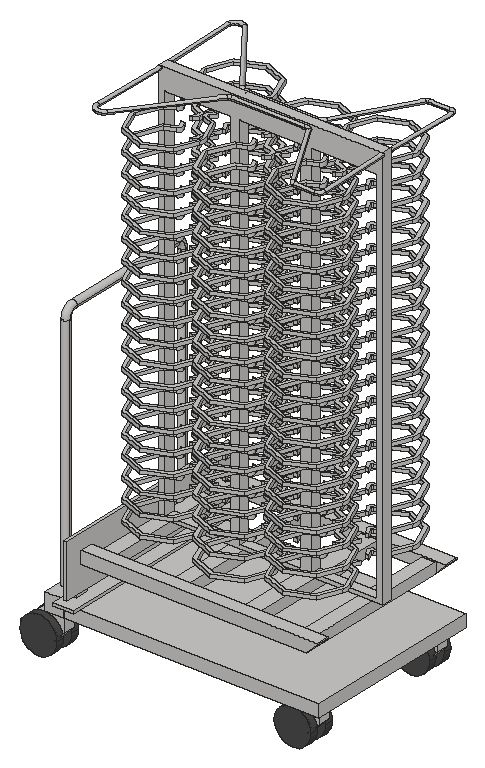
Revit family "QF_ELECTROLUXPROFESSIONAL_922764_TRBA116PL2021C", category Attrezzature speciali, Revit 2020 (continued)
Automatic sketch dimensions
  plane 23 to Extrusion 46 sketch curve = 16.976 mm
  Extrusion 46 sketch curve to plane 94 = 40.033 mm
  Extrusion 46 sketch curve to Extrusion 46 sketch curve = 7.129 mm
  Extrusion 46 sketch curve to Extrusion 46 sketch curve = 9.801 mm
  plane 23 to Extrusion 46 sketch curve = 21.716 mm
  Extrusion 46 sketch curve to Extrusion 46 sketch curve = 10.269 mm
  plane 23 to Extrusion 46 sketch curve = 28.819 mm
  Extrusion 46 sketch curve to Extrusion 46 sketch curve = 2.378 mm
  Extrusion 46 sketch curve to Extrusion 46 sketch curve = 2.721 mm
  Extrusion 46 sketch curve to Extrusion 46 sketch curve = 1.609 mm
  Extrusion 46 sketch curve to plane 93 = 0.677 mm
  Extrusion 46 sketch curve to plane 94 = 81.177 mm
  Extrusion 46 sketch curve to Extrusion 46 sketch curve = 34.52 mm
  Extrusion 46 sketch curve to plane 14 = 23.461 mm
  Extrusion 46 sketch curve to Extrusion 46 sketch curve = 0.634 mm
  Extrusion 46 sketch curve to plane 14 = 12.859 mm
  Extrusion 46 sketch curve to Extrusion 46 sketch curve = 5.47 mm  (x2)
  plane 23 to Extrusion 46 sketch curve = 44.113 mm
  Extrusion 46 sketch curve to Extrusion 46 sketch curve = 7.067 mm
  Extrusion 46 sketch curve to plane 93 = 1.889 mm
  Extrusion 46 sketch curve to Extrusion 46 sketch curve = 33.003 mm
  Extrusion 46 sketch curve to plane 93 = 16.292 mm
  Extrusion 46 sketch curve to Extrusion 46 sketch curve = 3.823 mm
  plane 93 to Extrusion 46 sketch curve = 14.321 mm
  Extrusion 46 sketch curve to Extrusion 46 sketch curve = 0.26 mm
  Extrusion 46 sketch curve to Extrusion 46 sketch curve = 0.931 mm
  Extrusion 46 sketch curve to Extrusion 46 sketch curve = 14.355 mm
  Extrusion 46 sketch curve to Extrusion 46 sketch curve = 8.956 mm
  Extrusion 46 sketch curve to Extrusion 46 sketch curve = 8.823 mm
  Extrusion 46 sketch curve to plane 14 = 19.797 mm
  plane 14 to Extrusion 46 sketch curve = 12.573 mm
  Extrusion 46 sketch curve to Extrusion 46 sketch curve = 10.291 mm
  Extrusion 47 sketch curve to plane 95 = 0 mm
  plane 23 to Extrusion 47 sketch curve = 0 mm  (x2)
  Extrusion 47 sketch curve to plane 96 = 0 mm
  plane 96 to Extrusion 47 sketch curve = 1.038 mm
  plane 23 to Extrusion 47 sketch curve = 17.086 mm
  plane 96 to Extrusion 47 sketch curve = 38.719 mm
  Extrusion 47 sketch curve to Extrusion 47 sketch curve = 7.361 mm
  Extrusion 47 sketch curve to Extrusion 47 sketch curve = 9.865 mm
  plane 23 to Extrusion 47 sketch curve = 21.155 mm
  Extrusion 47 sketch curve to Extrusion 47 sketch curve = 10.657 mm
  Extrusion 47 sketch curve to Extrusion 47 sketch curve = 2.333 mm
  plane 23 to Extrusion 47 sketch curve = 28.29 mm
  Extrusion 47 sketch curve to Extrusion 47 sketch curve = 0.12 mm
  Extrusion 47 sketch curve to Extrusion 47 sketch curve = 1.997 mm
  Extrusion 47 sketch curve to Extrusion 47 sketch curve = 13.006 mm  (x2)
  Extrusion 47 sketch curve to plane 14 = 19.797 mm
  plane 6 to Extrusion 47 sketch curve = 48.776 mm
  Extrusion 47 sketch curve to Extrusion 47 sketch curve = 32.378 mm
  plane 95 to Extrusion 47 sketch curve = 0.677 mm
  plane 6 to Extrusion 47 sketch curve = 43.856 mm
  Extrusion 47 sketch curve to Extrusion 47 sketch curve = 8.823 mm  (x2)
  Extrusion 47 sketch curve to plane 14 = 14.327 mm
  Extrusion 47 sketch curve to Extrusion 47 sketch curve = 12.491 mm
  plane 6 to Extrusion 47 sketch curve = 12.706 mm
  plane 6 to Extrusion 47 sketch curve = 7.03 mm
  plane 6 to Extrusion 47 sketch curve = 6.775 mm
  plane 23 to Extrusion 47 sketch curve = 16.976 mm
  Extrusion 47 sketch curve to plane 96 = 40.033 mm
  Extrusion 47 sketch curve to Extrusion 47 sketch curve = 7.129 mm
  Extrusion 47 sketch curve to Extrusion 47 sketch curve = 9.801 mm
  plane 23 to Extrusion 47 sketch curve = 21.716 mm
  Extrusion 47 sketch curve to Extrusion 47 sketch curve = 10.269 mm
  plane 23 to Extrusion 47 sketch curve = 28.819 mm
  Extrusion 47 sketch curve to Extrusion 47 sketch curve = 2.378 mm
  Extrusion 47 sketch curve to Extrusion 47 sketch curve = 2.721 mm
  Extrusion 47 sketch curve to Extrusion 47 sketch curve = 1.609 mm
  Extrusion 47 sketch curve to plane 95 = 0.677 mm
  Extrusion 47 sketch curve to plane 96 = 81.177 mm
  Extrusion 47 sketch curve to Extrusion 47 sketch curve = 34.52 mm
  Extrusion 47 sketch curve to plane 14 = 23.461 mm
  Extrusion 47 sketch curve to Extrusion 47 sketch curve = 0.634 mm
  Extrusion 47 sketch curve to plane 14 = 12.859 mm
  Extrusion 47 sketch curve to Extrusion 47 sketch curve = 5.47 mm
  plane 23 to Extrusion 47 sketch curve = 44.113 mm
  Extrusion 47 sketch curve to Extrusion 47 sketch curve = 7.067 mm
  Extrusion 47 sketch curve to plane 95 = 1.889 mm
  Extrusion 47 sketch curve to Extrusion 47 sketch curve = 33.003 mm
  Extrusion 47 sketch curve to plane 95 = 16.292 mm
  Extrusion 47 sketch curve to Extrusion 47 sketch curve = 3.823 mm
  plane 95 to Extrusion 47 sketch curve = 14.321 mm
  Extrusion 47 sketch curve to Extrusion 47 sketch curve = 0.26 mm
  Extrusion 47 sketch curve to Extrusion 47 sketch curve = 0.931 mm
  Extrusion 47 sketch curve to Extrusion 47 sketch curve = 14.355 mm
  Extrusion 47 sketch curve to Extrusion 47 sketch curve = 8.956 mm
  plane 95 to Extrusion 47 sketch curve = 16.292 mm
  plane 14 to Extrusion 47 sketch curve = 12.573 mm
  Extrusion 47 sketch curve to Extrusion 47 sketch curve = 10.291 mm
  plane 97 to Extrusion 48 sketch curve = 0 mm
  plane 24 to Extrusion 48 sketch curve = 0 mm  (x2)
  Extrusion 48 sketch curve to plane 98 = 0 mm
  Extrusion 48 sketch curve to plane 98 = 1.038 mm
  plane 24 to Extrusion 48 sketch curve = 17.086 mm
  Extrusion 48 sketch curve to plane 98 = 38.719 mm
  Extrusion 48 sketch curve to Extrusion 48 sketch curve = 7.361 mm
  Extrusion 48 sketch curve to Extrusion 48 sketch curve = 9.865 mm
  plane 24 to Extrusion 48 sketch curve = 21.155 mm
  Extrusion 48 sketch curve to Extrusion 48 sketch curve = 10.657 mm
  Extrusion 48 sketch curve to Extrusion 48 sketch curve = 2.333 mm
  plane 24 to Extrusion 48 sketch curve = 28.29 mm
  Extrusion 48 sketch curve to Extrusion 48 sketch curve = 0.12 mm
  Extrusion 48 sketch curve to Extrusion 48 sketch curve = 1.997 mm
  Extrusion 48 sketch curve to Extrusion 48 sketch curve = 13.006 mm  (x2)
  Extrusion 48 sketch curve to plane 21 = 19.305 mm
  Extrusion 48 sketch curve to plane 21 = 17.105 mm
  Extrusion 48 sketch curve to plane 97 = 0.677 mm
  Extrusion 48 sketch curve to plane 21 = 14.385 mm
  Extrusion 48 sketch curve to plane 21 = 8.282 mm
  Extrusion 48 sketch curve to plane 21 = 6.814 mm
  plane 21 to Extrusion 48 sketch curve = 16.765 mm
  Extrusion 48 sketch curve to Extrusion 48 sketch curve = 5.676 mm
  plane 97 to Extrusion 48 sketch curve = 14.321 mm
  Extrusion 48 sketch curve to Extrusion 48 sketch curve = 5.931 mm
  plane 24 to Extrusion 48 sketch curve = 16.976 mm
  plane 98 to Extrusion 48 sketch curve = 40.033 mm
  Extrusion 48 sketch curve to Extrusion 48 sketch curve = 7.129 mm
  Extrusion 48 sketch curve to Extrusion 48 sketch curve = 9.801 mm
  plane 24 to Extrusion 48 sketch curve = 21.716 mm
  Extrusion 48 sketch curve to Extrusion 48 sketch curve = 10.269 mm
  plane 24 to Extrusion 48 sketch curve = 28.819 mm
  Extrusion 48 sketch curve to Extrusion 48 sketch curve = 2.378 mm
  Extrusion 48 sketch curve to Extrusion 48 sketch curve = 2.721 mm
  Extrusion 48 sketch curve to Extrusion 48 sketch curve = 1.609 mm
  plane 97 to Extrusion 48 sketch curve = 0.677 mm
  plane 98 to Extrusion 48 sketch curve = 81.177 mm
  Extrusion 48 sketch curve to Extrusion 48 sketch curve = 34.52 mm
  Extrusion 48 sketch curve to plane 15 = 23.461 mm
  Extrusion 48 sketch curve to Extrusion 48 sketch curve = 0.634 mm
  Extrusion 48 sketch curve to plane 15 = 12.859 mm
  Extrusion 48 sketch curve to Extrusion 48 sketch curve = 5.47 mm  (x2)
  plane 24 to Extrusion 48 sketch curve = 44.113 mm
  Extrusion 48 sketch curve to Extrusion 48 sketch curve = 7.067 mm
  plane 97 to Extrusion 48 sketch curve = 1.889 mm
  Extrusion 48 sketch curve to Extrusion 48 sketch curve = 33.003 mm
  plane 97 to Extrusion 48 sketch curve = 16.292 mm
  Extrusion 48 sketch curve to Extrusion 48 sketch curve = 3.823 mm
  Extrusion 48 sketch curve to plane 97 = 14.321 mm
  Extrusion 48 sketch curve to Extrusion 48 sketch curve = 0.26 mm
  Extrusion 48 sketch curve to Extrusion 48 sketch curve = 0.931 mm
  Extrusion 48 sketch curve to Extrusion 48 sketch curve = 14.355 mm
  Extrusion 48 sketch curve to Extrusion 48 sketch curve = 8.956 mm
  Extrusion 48 sketch curve to Extrusion 48 sketch curve = 8.823 mm
  Extrusion 48 sketch curve to plane 15 = 19.797 mm
  plane 15 to Extrusion 48 sketch curve = 12.573 mm
  Extrusion 48 sketch curve to Extrusion 48 sketch curve = 10.291 mm
  plane 99 to Extrusion 49 sketch curve = 0 mm
  plane 24 to Extrusion 49 sketch curve = 0 mm  (x2)
  Extrusion 49 sketch curve to plane 100 = 0 mm
  Extrusion 49 sketch curve to plane 100 = 1.038 mm
  plane 24 to Extrusion 49 sketch curve = 17.086 mm
  Extrusion 49 sketch curve to plane 100 = 38.719 mm
  Extrusion 49 sketch curve to Extrusion 49 sketch curve = 7.361 mm
  Extrusion 49 sketch curve to Extrusion 49 sketch curve = 9.865 mm
  plane 24 to Extrusion 49 sketch curve = 21.155 mm
  Extrusion 49 sketch curve to Extrusion 49 sketch curve = 10.657 mm
  Extrusion 49 sketch curve to Extrusion 49 sketch curve = 2.333 mm
  plane 24 to Extrusion 49 sketch curve = 28.29 mm
  Extrusion 49 sketch curve to Extrusion 49 sketch curve = 0.12 mm
  Extrusion 49 sketch curve to Extrusion 49 sketch curve = 1.997 mm
  Extrusion 49 sketch curve to Extrusion 49 sketch curve = 13.006 mm  (x2)
  Extrusion 49 sketch curve to plane 15 = 19.797 mm
  Extrusion 49 sketch curve to plane 6 = 48.776 mm
  Extrusion 49 sketch curve to Extrusion 49 sketch curve = 32.378 mm
  Extrusion 49 sketch curve to plane 99 = 0.677 mm
  Extrusion 49 sketch curve to plane 6 = 43.856 mm
  Extrusion 49 sketch curve to Extrusion 49 sketch curve = 8.823 mm  (x2)
  Extrusion 49 sketch curve to plane 15 = 14.327 mm
  Extrusion 49 sketch curve to Extrusion 49 sketch curve = 12.491 mm
  Extrusion 49 sketch curve to plane 6 = 12.706 mm
  Extrusion 49 sketch curve to plane 6 = 7.03 mm
  Extrusion 49 sketch curve to plane 6 = 6.775 mm
  plane 24 to Extrusion 49 sketch curve = 16.976 mm
  plane 100 to Extrusion 49 sketch curve = 40.033 mm
  Extrusion 49 sketch curve to Extrusion 49 sketch curve = 7.129 mm
  Extrusion 49 sketch curve to Extrusion 49 sketch curve = 9.801 mm
  plane 24 to Extrusion 49 sketch curve = 21.716 mm
  Extrusion 49 sketch curve to Extrusion 49 sketch curve = 10.269 mm
  plane 24 to Extrusion 49 sketch curve = 28.819 mm
  Extrusion 49 sketch curve to Extrusion 49 sketch curve = 2.378 mm
  Extrusion 49 sketch curve to Extrusion 49 sketch curve = 2.721 mm
  Extrusion 49 sketch curve to Extrusion 49 sketch curve = 1.609 mm
  plane 99 to Extrusion 49 sketch curve = 0.677 mm
  plane 100 to Extrusion 49 sketch curve = 81.177 mm
  Extrusion 49 sketch curve to Extrusion 49 sketch curve = 34.52 mm
  Extrusion 49 sketch curve to plane 15 = 23.461 mm
  Extrusion 49 sketch curve to Extrusion 49 sketch curve = 0.634 mm
  Extrusion 49 sketch curve to plane 15 = 12.859 mm
  Extrusion 49 sketch curve to Extrusion 49 sketch curve = 5.47 mm
  plane 24 to Extrusion 49 sketch curve = 44.113 mm
  Extrusion 49 sketch curve to Extrusion 49 sketch curve = 7.067 mm
  plane 99 to Extrusion 49 sketch curve = 1.889 mm
  Extrusion 49 sketch curve to Extrusion 49 sketch curve = 33.003 mm
  plane 99 to Extrusion 49 sketch curve = 16.292 mm
  Extrusion 49 sketch curve to Extrusion 49 sketch curve = 3.823 mm
  Extrusion 49 sketch curve to plane 99 = 14.321 mm
  Extrusion 49 sketch curve to Extrusion 49 sketch curve = 0.26 mm
  Extrusion 49 sketch curve to Extrusion 49 sketch curve = 0.931 mm
  Extrusion 49 sketch curve to Extrusion 49 sketch curve = 14.355 mm
  Extrusion 49 sketch curve to Extrusion 49 sketch curve = 8.956 mm
  Extrusion 49 sketch curve to plane 99 = 16.292 mm
  plane 15 to Extrusion 49 sketch curve = 12.573 mm
  Extrusion 49 sketch curve to Extrusion 49 sketch curve = 10.291 mm
  Extrusion 50 sketch curve to plane 101 = 0 mm
  plane 23 to Extrusion 50 sketch curve = 0 mm  (x2)
  Extrusion 50 sketch curve to plane 102 = 0 mm
  plane 102 to Extrusion 50 sketch curve = 1.038 mm
  plane 23 to Extrusion 50 sketch curve = 17.086 mm
  plane 102 to Extrusion 50 sketch curve = 38.719 mm
  Extrusion 50 sketch curve to Extrusion 50 sketch curve = 7.361 mm
  Extrusion 50 sketch curve to Extrusion 50 sketch curve = 9.865 mm
  plane 23 to Extrusion 50 sketch curve = 21.155 mm
  Extrusion 50 sketch curve to Extrusion 50 sketch curve = 10.657 mm
  Extrusion 50 sketch curve to Extrusion 50 sketch curve = 2.333 mm
  plane 23 to Extrusion 50 sketch curve = 28.29 mm
  Extrusion 50 sketch curve to Extrusion 50 sketch curve = 0.12 mm
  Extrusion 50 sketch curve to Extrusion 50 sketch curve = 1.997 mm
  Extrusion 50 sketch curve to Extrusion 50 sketch curve = 13.006 mm  (x2)
  plane 21 to Extrusion 50 sketch curve = 19.305 mm
  plane 21 to Extrusion 50 sketch curve = 17.105 mm
  plane 101 to Extrusion 50 sketch curve = 0.677 mm
  plane 21 to Extrusion 50 sketch curve = 14.385 mm
  plane 21 to Extrusion 50 sketch curve = 8.282 mm
  plane 21 to Extrusion 50 sketch curve = 6.814 mm
  Extrusion 50 sketch curve to plane 21 = 16.765 mm
  Extrusion 50 sketch curve to Extrusion 50 sketch curve = 5.676 mm
  Extrusion 50 sketch curve to plane 101 = 14.321 mm
  Extrusion 50 sketch curve to Extrusion 50 sketch curve = 5.931 mm
  plane 23 to Extrusion 50 sketch curve = 16.976 mm
  Extrusion 50 sketch curve to plane 102 = 40.033 mm
  Extrusion 50 sketch curve to Extrusion 50 sketch curve = 7.129 mm
  Extrusion 50 sketch curve to Extrusion 50 sketch curve = 9.801 mm
  plane 23 to Extrusion 50 sketch curve = 21.716 mm
  Extrusion 50 sketch curve to Extrusion 50 sketch curve = 10.269 mm
  plane 23 to Extrusion 50 sketch curve = 28.819 mm
  Extrusion 50 sketch curve to Extrusion 50 sketch curve = 2.378 mm
  Extrusion 50 sketch curve to Extrusion 50 sketch curve = 2.721 mm
  Extrusion 50 sketch curve to Extrusion 50 sketch curve = 1.609 mm
  Extrusion 50 sketch curve to plane 101 = 0.677 mm
  Extrusion 50 sketch curve to plane 102 = 81.177 mm
  Extrusion 50 sketch curve to Extrusion 50 sketch curve = 34.52 mm
  Extrusion 50 sketch curve to plane 14 = 23.461 mm
  Extrusion 50 sketch curve to Extrusion 50 sketch curve = 0.634 mm
  Extrusion 50 sketch curve to plane 14 = 12.859 mm
  Extrusion 50 sketch curve to Extrusion 50 sketch curve = 5.47 mm  (x2)
  plane 23 to Extrusion 50 sketch curve = 44.113 mm
  Extrusion 50 sketch curve to Extrusion 50 sketch curve = 7.067 mm
  Extrusion 50 sketch curve to plane 101 = 1.889 mm
  Extrusion 50 sketch curve to Extrusion 50 sketch curve = 33.003 mm
  Extrusion 50 sketch curve to plane 101 = 16.292 mm
  Extrusion 50 sketch curve to Extrusion 50 sketch curve = 3.823 mm
  plane 101 to Extrusion 50 sketch curve = 14.321 mm
  Extrusion 50 sketch curve to Extrusion 50 sketch curve = 0.26 mm
  Extrusion 50 sketch curve to Extrusion 50 sketch curve = 0.931 mm
  Extrusion 50 sketch curve to Extrusion 50 sketch curve = 14.355 mm
  Extrusion 50 sketch curve to Extrusion 50 sketch curve = 8.956 mm
  Extrusion 50 sketch curve to Extrusion 50 sketch curve = 8.823 mm
  Extrusion 50 sketch curve to plane 14 = 19.797 mm
  plane 14 to Extrusion 50 sketch curve = 12.573 mm
  Extrusion 50 sketch curve to Extrusion 50 sketch curve = 10.291 mm
  Extrusion 51 sketch curve to plane 103 = 0 mm
  plane 23 to Extrusion 51 sketch curve = 0 mm  (x2)
  Extrusion 51 sketch curve to plane 104 = 0 mm
  plane 104 to Extrusion 51 sketch curve = 1.038 mm
  plane 23 to Extrusion 51 sketch curve = 17.086 mm
  plane 104 to Extrusion 51 sketch curve = 38.719 mm
  Extrusion 51 sketch curve to Extrusion 51 sketch curve = 7.361 mm
  Extrusion 51 sketch curve to Extrusion 51 sketch curve = 9.865 mm
  plane 23 to Extrusion 51 sketch curve = 21.155 mm
  Extrusion 51 sketch curve to Extrusion 51 sketch curve = 10.657 mm
  Extrusion 51 sketch curve to Extrusion 51 sketch curve = 2.333 mm
  plane 23 to Extrusion 51 sketch curve = 28.29 mm
  Extrusion 51 sketch curve to Extrusion 51 sketch curve = 0.12 mm
  Extrusion 51 sketch curve to Extrusion 51 sketch curve = 1.997 mm
  Extrusion 51 sketch curve to Extrusion 51 sketch curve = 13.006 mm  (x2)
  Extrusion 51 sketch curve to plane 14 = 19.797 mm
  plane 6 to Extrusion 51 sketch curve = 48.776 mm
  Extrusion 51 sketch curve to Extrusion 51 sketch curve = 32.378 mm
  plane 103 to Extrusion 51 sketch curve = 0.677 mm
  plane 6 to Extrusion 51 sketch curve = 43.856 mm
  Extrusion 51 sketch curve to Extrusion 51 sketch curve = 8.823 mm  (x2)
  Extrusion 51 sketch curve to plane 14 = 14.327 mm
  Extrusion 51 sketch curve to Extrusion 51 sketch curve = 12.491 mm
  plane 6 to Extrusion 51 sketch curve = 12.706 mm
  plane 6 to Extrusion 51 sketch curve = 7.03 mm
  plane 6 to Extrusion 51 sketch curve = 6.775 mm
  plane 23 to Extrusion 51 sketch curve = 16.976 mm
  Extrusion 51 sketch curve to plane 104 = 40.033 mm
  Extrusion 51 sketch curve to Extrusion 51 sketch curve = 7.129 mm
  Extrusion 51 sketch curve to Extrusion 51 sketch curve = 9.801 mm
  plane 23 to Extrusion 51 sketch curve = 21.716 mm
  Extrusion 51 sketch curve to Extrusion 51 sketch curve = 10.269 mm
  plane 23 to Extrusion 51 sketch curve = 28.819 mm
  Extrusion 51 sketch curve to Extrusion 51 sketch curve = 2.378 mm
  Extrusion 51 sketch curve to Extrusion 51 sketch curve = 2.721 mm
  Extrusion 51 sketch curve to Extrusion 51 sketch curve = 1.609 mm
  Extrusion 51 sketch curve to plane 103 = 0.677 mm
  Extrusion 51 sketch curve to plane 104 = 81.177 mm
  Extrusion 51 sketch curve to Extrusion 51 sketch curve = 34.52 mm
  Extrusion 51 sketch curve to plane 14 = 23.461 mm
  Extrusion 51 sketch curve to Extrusion 51 sketch curve = 0.634 mm
  Extrusion 51 sketch curve to plane 14 = 12.859 mm
  Extrusion 51 sketch curve to Extrusion 51 sketch curve = 5.47 mm
  plane 23 to Extrusion 51 sketch curve = 44.113 mm
  Extrusion 51 sketch curve to Extrusion 51 sketch curve = 7.067 mm
  Extrusion 51 sketch curve to plane 103 = 1.889 mm
  Extrusion 51 sketch curve to Extrusion 51 sketch curve = 33.003 mm
  Extrusion 51 sketch curve to plane 103 = 16.292 mm
  Extrusion 51 sketch curve to Extrusion 51 sketch curve = 3.823 mm
  plane 103 to Extrusion 51 sketch curve = 14.321 mm
  Extrusion 51 sketch curve to Extrusion 51 sketch curve = 0.26 mm
  Extrusion 51 sketch curve to Extrusion 51 sketch curve = 0.931 mm
  Extrusion 51 sketch curve to Extrusion 51 sketch curve = 14.355 mm
  Extrusion 51 sketch curve to Extrusion 51 sketch curve = 8.956 mm
  plane 103 to Extrusion 51 sketch curve = 16.292 mm
  plane 14 to Extrusion 51 sketch curve = 12.573 mm
  Extrusion 51 sketch curve to Extrusion 51 sketch curve = 10.291 mm
  plane 105 to Extrusion 52 sketch curve = 0 mm
  plane 24 to Extrusion 52 sketch curve = 0 mm  (x2)
  Extrusion 52 sketch curve to plane 106 = 0 mm
  Extrusion 52 sketch curve to plane 106 = 1.038 mm
  plane 24 to Extrusion 52 sketch curve = 17.086 mm
  Extrusion 52 sketch curve to plane 106 = 38.719 mm
  Extrusion 52 sketch curve to Extrusion 52 sketch curve = 7.361 mm
  Extrusion 52 sketch curve to Extrusion 52 sketch curve = 9.865 mm
  plane 24 to Extrusion 52 sketch curve = 21.155 mm
  Extrusion 52 sketch curve to Extrusion 52 sketch curve = 10.657 mm
  Extrusion 52 sketch curve to Extrusion 52 sketch curve = 2.333 mm
  plane 24 to Extrusion 52 sketch curve = 28.29 mm
  Extrusion 52 sketch curve to Extrusion 52 sketch curve = 0.12 mm
  Extrusion 52 sketch curve to Extrusion 52 sketch curve = 1.997 mm
  Extrusion 52 sketch curve to Extrusion 52 sketch curve = 13.006 mm  (x2)
  Extrusion 52 sketch curve to plane 21 = 19.305 mm
  Extrusion 52 sketch curve to plane 21 = 17.105 mm
  Extrusion 52 sketch curve to plane 105 = 0.677 mm
  Extrusion 52 sketch curve to plane 21 = 14.385 mm
  Extrusion 52 sketch curve to plane 21 = 8.282 mm
  Extrusion 52 sketch curve to plane 21 = 6.814 mm
  plane 21 to Extrusion 52 sketch curve = 16.765 mm
  Extrusion 52 sketch curve to Extrusion 52 sketch curve = 5.676 mm
  plane 105 to Extrusion 52 sketch curve = 14.321 mm
  Extrusion 52 sketch curve to Extrusion 52 sketch curve = 5.931 mm
  plane 24 to Extrusion 52 sketch curve = 16.976 mm
  plane 106 to Extrusion 52 sketch curve = 40.033 mm
  Extrusion 52 sketch curve to Extrusion 52 sketch curve = 7.129 mm
  Extrusion 52 sketch curve to Extrusion 52 sketch curve = 9.801 mm
  plane 24 to Extrusion 52 sketch curve = 21.716 mm
  Extrusion 52 sketch curve to Extrusion 52 sketch curve = 10.269 mm
  plane 24 to Extrusion 52 sketch curve = 28.819 mm
  Extrusion 52 sketch curve to Extrusion 52 sketch curve = 2.378 mm
  Extrusion 52 sketch curve to Extrusion 52 sketch curve = 2.721 mm
  Extrusion 52 sketch curve to Extrusion 52 sketch curve = 1.609 mm
  plane 105 to Extrusion 52 sketch curve = 0.677 mm
  plane 106 to Extrusion 52 sketch curve = 81.177 mm
  Extrusion 52 sketch curve to Extrusion 52 sketch curve = 34.52 mm
  Extrusion 52 sketch curve to plane 15 = 23.461 mm
  Extrusion 52 sketch curve to Extrusion 52 sketch curve = 0.634 mm
  Extrusion 52 sketch curve to plane 15 = 12.859 mm
  Extrusion 52 sketch curve to Extrusion 52 sketch curve = 5.47 mm  (x2)
  plane 24 to Extrusion 52 sketch curve = 44.113 mm
  Extrusion 52 sketch curve to Extrusion 52 sketch curve = 7.067 mm
  plane 105 to Extrusion 52 sketch curve = 1.889 mm
  Extrusion 52 sketch curve to Extrusion 52 sketch curve = 33.003 mm
  plane 105 to Extrusion 52 sketch curve = 16.292 mm
  Extrusion 52 sketch curve to Extrusion 52 sketch curve = 3.823 mm
  Extrusion 52 sketch curve to plane 105 = 14.321 mm
  Extrusion 52 sketch curve to Extrusion 52 sketch curve = 0.26 mm
  Extrusion 52 sketch curve to Extrusion 52 sketch curve = 0.931 mm
  Extrusion 52 sketch curve to Extrusion 52 sketch curve = 14.355 mm
  Extrusion 52 sketch curve to Extrusion 52 sketch curve = 8.956 mm
  Extrusion 52 sketch curve to Extrusion 52 sketch curve = 8.823 mm
  Extrusion 52 sketch curve to plane 15 = 19.797 mm
  plane 15 to Extrusion 52 sketch curve = 12.573 mm
  Extrusion 52 sketch curve to Extrusion 52 sketch curve = 10.291 mm
  plane 107 to Extrusion 53 sketch curve = 0 mm
  plane 24 to Extrusion 53 sketch curve = 0 mm  (x2)
  Extrusion 53 sketch curve to plane 108 = 0 mm
  Extrusion 53 sketch curve to plane 108 = 1.038 mm
  plane 24 to Extrusion 53 sketch curve = 17.086 mm
  Extrusion 53 sketch curve to plane 108 = 38.719 mm
  Extrusion 53 sketch curve to Extrusion 53 sketch curve = 7.361 mm
  Extrusion 53 sketch curve to Extrusion 53 sketch curve = 9.865 mm
  plane 24 to Extrusion 53 sketch curve = 21.155 mm
  Extrusion 53 sketch curve to Extrusion 53 sketch curve = 10.657 mm
  Extrusion 53 sketch curve to Extrusion 53 sketch curve = 2.333 mm
  plane 24 to Extrusion 53 sketch curve = 28.29 mm
  Extrusion 53 sketch curve to Extrusion 53 sketch curve = 0.12 mm
  Extrusion 53 sketch curve to Extrusion 53 sketch curve = 1.997 mm
  Extrusion 53 sketch curve to Extrusion 53 sketch curve = 13.006 mm  (x2)
  Extrusion 53 sketch curve to plane 15 = 19.797 mm
  Extrusion 53 sketch curve to plane 6 = 48.776 mm
  Extrusion 53 sketch curve to Extrusion 53 sketch curve = 32.378 mm
  Extrusion 53 sketch curve to plane 107 = 0.677 mm
  Extrusion 53 sketch curve to plane 6 = 43.856 mm
  Extrusion 53 sketch curve to Extrusion 53 sketch curve = 8.823 mm  (x2)
  Extrusion 53 sketch curve to plane 15 = 14.327 mm
  Extrusion 53 sketch curve to Extrusion 53 sketch curve = 12.491 mm
  Extrusion 53 sketch curve to plane 6 = 12.706 mm
  Extrusion 53 sketch curve to plane 6 = 7.03 mm
  Extrusion 53 sketch curve to plane 6 = 6.775 mm
  plane 24 to Extrusion 53 sketch curve = 16.976 mm
  plane 108 to Extrusion 53 sketch curve = 40.033 mm
  Extrusion 53 sketch curve to Extrusion 53 sketch curve = 7.129 mm
  Extrusion 53 sketch curve to Extrusion 53 sketch curve = 9.801 mm
  plane 24 to Extrusion 53 sketch curve = 21.716 mm
  Extrusion 53 sketch curve to Extrusion 53 sketch curve = 10.269 mm
  plane 24 to Extrusion 53 sketch curve = 28.819 mm
  Extrusion 53 sketch curve to Extrusion 53 sketch curve = 2.378 mm
  Extrusion 53 sketch curve to Extrusion 53 sketch curve = 2.721 mm
  Extrusion 53 sketch curve to Extrusion 53 sketch curve = 1.609 mm
  plane 107 to Extrusion 53 sketch curve = 0.677 mm
  plane 108 to Extrusion 53 sketch curve = 81.177 mm
  Extrusion 53 sketch curve to Extrusion 53 sketch curve = 34.52 mm
  Extrusion 53 sketch curve to plane 15 = 23.461 mm
  Extrusion 53 sketch curve to Extrusion 53 sketch curve = 0.634 mm
  Extrusion 53 sketch curve to plane 15 = 12.859 mm
  Extrusion 53 sketch curve to Extrusion 53 sketch curve = 5.47 mm
  plane 24 to Extrusion 53 sketch curve = 44.113 mm
  Extrusion 53 sketch curve to Extrusion 53 sketch curve = 7.067 mm
  plane 107 to Extrusion 53 sketch curve = 1.889 mm
  Extrusion 53 sketch curve to Extrusion 53 sketch curve = 33.003 mm
  plane 107 to Extrusion 53 sketch curve = 16.292 mm
  Extrusion 53 sketch curve to Extrusion 53 sketch curve = 3.823 mm
  Extrusion 53 sketch curve to plane 107 = 14.321 mm
  Extrusion 53 sketch curve to Extrusion 53 sketch curve = 0.26 mm
  Extrusion 53 sketch curve to Extrusion 53 sketch curve = 0.931 mm
  Extrusion 53 sketch curve to Extrusion 53 sketch curve = 14.355 mm
  Extrusion 53 sketch curve to Extrusion 53 sketch curve = 8.956 mm
  Extrusion 53 sketch curve to plane 107 = 16.292 mm
  plane 15 to Extrusion 53 sketch curve = 12.573 mm
  Extrusion 53 sketch curve to Extrusion 53 sketch curve = 10.291 mm
  Extrusion 54 sketch curve to plane 109 = 0 mm
  plane 23 to Extrusion 54 sketch curve = 0 mm  (x2)
  Extrusion 54 sketch curve to plane 110 = 0 mm
  plane 110 to Extrusion 54 sketch curve = 1.038 mm
  plane 23 to Extrusion 54 sketch curve = 17.086 mm
  plane 110 to Extrusion 54 sketch curve = 38.719 mm
  Extrusion 54 sketch curve to Extrusion 54 sketch curve = 7.361 mm
  Extrusion 54 sketch curve to Extrusion 54 sketch curve = 9.865 mm
  plane 23 to Extrusion 54 sketch curve = 21.155 mm
  Extrusion 54 sketch curve to Extrusion 54 sketch curve = 10.657 mm
  Extrusion 54 sketch curve to Extrusion 54 sketch curve = 2.333 mm
  plane 23 to Extrusion 54 sketch curve = 28.29 mm
  Extrusion 54 sketch curve to Extrusion 54 sketch curve = 0.12 mm
  Extrusion 54 sketch curve to Extrusion 54 sketch curve = 1.997 mm
  Extrusion 54 sketch curve to Extrusion 54 sketch curve = 13.006 mm  (x2)
  plane 21 to Extrusion 54 sketch curve = 19.305 mm
  plane 21 to Extrusion 54 sketch curve = 17.105 mm
  plane 109 to Extrusion 54 sketch curve = 0.677 mm
  plane 21 to Extrusion 54 sketch curve = 14.385 mm
  plane 21 to Extrusion 54 sketch curve = 8.282 mm
  plane 21 to Extrusion 54 sketch curve = 6.814 mm
  Extrusion 54 sketch curve to plane 21 = 16.765 mm
  Extrusion 54 sketch curve to Extrusion 54 sketch curve = 5.676 mm
  Extrusion 54 sketch curve to plane 109 = 14.321 mm
  Extrusion 54 sketch curve to Extrusion 54 sketch curve = 5.931 mm
  plane 23 to Extrusion 54 sketch curve = 16.976 mm
  Extrusion 54 sketch curve to plane 110 = 40.033 mm
  Extrusion 54 sketch curve to Extrusion 54 sketch curve = 7.129 mm
  Extrusion 54 sketch curve to Extrusion 54 sketch curve = 9.801 mm
  plane 23 to Extrusion 54 sketch curve = 21.716 mm
  Extrusion 54 sketch curve to Extrusion 54 sketch curve = 10.269 mm
  plane 23 to Extrusion 54 sketch curve = 28.819 mm
  Extrusion 54 sketch curve to Extrusion 54 sketch curve = 2.378 mm
  Extrusion 54 sketch curve to Extrusion 54 sketch curve = 2.721 mm
  Extrusion 54 sketch curve to Extrusion 54 sketch curve = 1.609 mm
  Extrusion 54 sketch curve to plane 109 = 0.677 mm
  Extrusion 54 sketch curve to plane 110 = 81.177 mm
  Extrusion 54 sketch curve to Extrusion 54 sketch curve = 34.52 mm
  Extrusion 54 sketch curve to plane 14 = 23.461 mm
  Extrusion 54 sketch curve to Extrusion 54 sketch curve = 0.634 mm
  Extrusion 54 sketch curve to plane 14 = 12.859 mm
  Extrusion 54 sketch curve to Extrusion 54 sketch curve = 5.47 mm  (x2)
  plane 23 to Extrusion 54 sketch curve = 44.113 mm
  Extrusion 54 sketch curve to Extrusion 54 sketch curve = 7.067 mm
  Extrusion 54 sketch curve to plane 109 = 1.889 mm
  Extrusion 54 sketch curve to Extrusion 54 sketch curve = 33.003 mm
  Extrusion 54 sketch curve to plane 109 = 16.292 mm
  Extrusion 54 sketch curve to Extrusion 54 sketch curve = 3.823 mm
  plane 109 to Extrusion 54 sketch curve = 14.321 mm
  Extrusion 54 sketch curve to Extrusion 54 sketch curve = 0.26 mm
  Extrusion 54 sketch curve to Extrusion 54 sketch curve = 0.931 mm
  Extrusion 54 sketch curve to Extrusion 54 sketch curve = 14.355 mm
  Extrusion 54 sketch curve to Extrusion 54 sketch curve = 8.956 mm
  Extrusion 54 sketch curve to Extrusion 54 sketch curve = 8.823 mm
  Extrusion 54 sketch curve to plane 14 = 19.797 mm
  plane 14 to Extrusion 54 sketch curve = 12.573 mm
  Extrusion 54 sketch curve to Extrusion 54 sketch curve = 10.291 mm
  Extrusion 55 sketch curve to plane 111 = 0 mm
  plane 23 to Extrusion 55 sketch curve = 0 mm  (x2)
  Extrusion 55 sketch curve to plane 112 = 0 mm
  plane 112 to Extrusion 55 sketch curve = 1.038 mm
  plane 23 to Extrusion 55 sketch curve = 17.086 mm
  plane 112 to Extrusion 55 sketch curve = 38.719 mm
  Extrusion 55 sketch curve to Extrusion 55 sketch curve = 7.361 mm
  Extrusion 55 sketch curve to Extrusion 55 sketch curve = 9.865 mm
  plane 23 to Extrusion 55 sketch curve = 21.155 mm
  Extrusion 55 sketch curve to Extrusion 55 sketch curve = 10.657 mm
  Extrusion 55 sketch curve to Extrusion 55 sketch curve = 2.333 mm
  plane 23 to Extrusion 55 sketch curve = 28.29 mm
  Extrusion 55 sketch curve to Extrusion 55 sketch curve = 0.12 mm
  Extrusion 55 sketch curve to Extrusion 55 sketch curve = 1.997 mm
  Extrusion 55 sketch curve to Extrusion 55 sketch curve = 13.006 mm  (x2)
  Extrusion 55 sketch curve to plane 14 = 19.797 mm
  plane 6 to Extrusion 55 sketch curve = 48.776 mm
  Extrusion 55 sketch curve to Extrusion 55 sketch curve = 32.378 mm
  plane 111 to Extrusion 55 sketch curve = 0.677 mm
  plane 6 to Extrusion 55 sketch curve = 43.856 mm
  Extrusion 55 sketch curve to Extrusion 55 sketch curve = 8.823 mm  (x2)
  Extrusion 55 sketch curve to plane 14 = 14.327 mm
  Extrusion 55 sketch curve to Extrusion 55 sketch curve = 12.491 mm
  plane 6 to Extrusion 55 sketch curve = 12.706 mm
  plane 6 to Extrusion 55 sketch curve = 7.03 mm
  plane 6 to Extrusion 55 sketch curve = 6.775 mm
  plane 23 to Extrusion 55 sketch curve = 16.976 mm
  Extrusion 55 sketch curve to plane 112 = 40.033 mm
  Extrusion 55 sketch curve to Extrusion 55 sketch curve = 7.129 mm
  Extrusion 55 sketch curve to Extrusion 55 sketch curve = 9.801 mm
  plane 23 to Extrusion 55 sketch curve = 21.716 mm
  Extrusion 55 sketch curve to Extrusion 55 sketch curve = 10.269 mm
  plane 23 to Extrusion 55 sketch curve = 28.819 mm
  Extrusion 55 sketch curve to Extrusion 55 sketch curve = 2.378 mm
  Extrusion 55 sketch curve to Extrusion 55 sketch curve = 2.721 mm
  Extrusion 55 sketch curve to Extrusion 55 sketch curve = 1.609 mm
  Extrusion 55 sketch curve to plane 111 = 0.677 mm
  Extrusion 55 sketch curve to plane 112 = 81.177 mm
  Extrusion 55 sketch curve to Extrusion 55 sketch curve = 34.52 mm
  Extrusion 55 sketch curve to plane 14 = 23.461 mm
  Extrusion 55 sketch curve to Extrusion 55 sketch curve = 0.634 mm
  Extrusion 55 sketch curve to plane 14 = 12.859 mm
  Extrusion 55 sketch curve to Extrusion 55 sketch curve = 5.47 mm
  plane 23 to Extrusion 55 sketch curve = 44.113 mm
  Extrusion 55 sketch curve to Extrusion 55 sketch curve = 7.067 mm
  Extrusion 55 sketch curve to plane 111 = 1.889 mm
  Extrusion 55 sketch curve to Extrusion 55 sketch curve = 33.003 mm
  Extrusion 55 sketch curve to plane 111 = 16.292 mm
  Extrusion 55 sketch curve to Extrusion 55 sketch curve = 3.823 mm
  plane 111 to Extrusion 55 sketch curve = 14.321 mm
  Extrusion 55 sketch curve to Extrusion 55 sketch curve = 0.26 mm
  Extrusion 55 sketch curve to Extrusion 55 sketch curve = 0.931 mm
  Extrusion 55 sketch curve to Extrusion 55 sketch curve = 14.355 mm
  Extrusion 55 sketch curve to Extrusion 55 sketch curve = 8.956 mm
  plane 111 to Extrusion 55 sketch curve = 16.292 mm
  plane 14 to Extrusion 55 sketch curve = 12.573 mm
  Extrusion 55 sketch curve to Extrusion 55 sketch curve = 10.291 mm
  plane 113 to Extrusion 56 sketch curve = 0 mm
  plane 24 to Extrusion 56 sketch curve = 0 mm  (x2)
  Extrusion 56 sketch curve to plane 114 = 0 mm
  Extrusion 56 sketch curve to plane 114 = 1.038 mm
  plane 24 to Extrusion 56 sketch curve = 17.086 mm
  Extrusion 56 sketch curve to plane 114 = 38.719 mm
  Extrusion 56 sketch curve to Extrusion 56 sketch curve = 7.361 mm
  Extrusion 56 sketch curve to Extrusion 56 sketch curve = 9.865 mm
  plane 24 to Extrusion 56 sketch curve = 21.155 mm
  Extrusion 56 sketch curve to Extrusion 56 sketch curve = 10.657 mm
  Extrusion 56 sketch curve to Extrusion 56 sketch curve = 2.333 mm
  plane 24 to Extrusion 56 sketch curve = 28.29 mm
  Extrusion 56 sketch curve to Extrusion 56 sketch curve = 0.12 mm
  Extrusion 56 sketch curve to Extrusion 56 sketch curve = 1.997 mm
  Extrusion 56 sketch curve to Extrusion 56 sketch curve = 13.006 mm  (x2)
  Extrusion 56 sketch curve to plane 21 = 19.305 mm
  Extrusion 56 sketch curve to plane 21 = 17.105 mm
  Extrusion 56 sketch curve to plane 113 = 0.677 mm
  Extrusion 56 sketch curve to plane 21 = 14.385 mm
  Extrusion 56 sketch curve to plane 21 = 8.282 mm
  Extrusion 56 sketch curve to plane 21 = 6.814 mm
  plane 21 to Extrusion 56 sketch curve = 16.765 mm
  Extrusion 56 sketch curve to Extrusion 56 sketch curve = 5.676 mm
  plane 113 to Extrusion 56 sketch curve = 14.321 mm
  Extrusion 56 sketch curve to Extrusion 56 sketch curve = 5.931 mm
  plane 24 to Extrusion 56 sketch curve = 16.976 mm
  plane 114 to Extrusion 56 sketch curve = 40.033 mm
  Extrusion 56 sketch curve to Extrusion 56 sketch curve = 7.129 mm
  Extrusion 56 sketch curve to Extrusion 56 sketch curve = 9.801 mm
  plane 24 to Extrusion 56 sketch curve = 21.716 mm
  Extrusion 56 sketch curve to Extrusion 56 sketch curve = 10.269 mm
  plane 24 to Extrusion 56 sketch curve = 28.819 mm
  Extrusion 56 sketch curve to Extrusion 56 sketch curve = 2.378 mm
  Extrusion 56 sketch curve to Extrusion 56 sketch curve = 2.721 mm
  Extrusion 56 sketch curve to Extrusion 56 sketch curve = 1.609 mm
  plane 113 to Extrusion 56 sketch curve = 0.677 mm
  plane 114 to Extrusion 56 sketch curve = 81.177 mm
  Extrusion 56 sketch curve to Extrusion 56 sketch curve = 34.52 mm
  Extrusion 56 sketch curve to plane 15 = 23.461 mm
  Extrusion 56 sketch curve to Extrusion 56 sketch curve = 0.634 mm
  Extrusion 56 sketch curve to plane 15 = 12.859 mm
  Extrusion 56 sketch curve to Extrusion 56 sketch curve = 5.47 mm  (x2)
  plane 24 to Extrusion 56 sketch curve = 44.113 mm
  Extrusion 56 sketch curve to Extrusion 56 sketch curve = 7.067 mm
  plane 113 to Extrusion 56 sketch curve = 1.889 mm
  Extrusion 56 sketch curve to Extrusion 56 sketch curve = 33.003 mm
  plane 113 to Extrusion 56 sketch curve = 16.292 mm
  Extrusion 56 sketch curve to Extrusion 56 sketch curve = 3.823 mm
  Extrusion 56 sketch curve to plane 113 = 14.321 mm
  Extrusion 56 sketch curve to Extrusion 56 sketch curve = 0.26 mm
  Extrusion 56 sketch curve to Extrusion 56 sketch curve = 0.931 mm
  Extrusion 56 sketch curve to Extrusion 56 sketch curve = 14.355 mm
  Extrusion 56 sketch curve to Extrusion 56 sketch curve = 8.956 mm
  Extrusion 56 sketch curve to Extrusion 56 sketch curve = 8.823 mm
  Extrusion 56 sketch curve to plane 15 = 19.797 mm
  plane 15 to Extrusion 56 sketch curve = 12.573 mm
  Extrusion 56 sketch curve to Extrusion 56 sketch curve = 10.291 mm
  plane 115 to Extrusion 57 sketch curve = 0 mm
  plane 24 to Extrusion 57 sketch curve = 0 mm  (x2)
  Extrusion 57 sketch curve to plane 116 = 0 mm
  Extrusion 57 sketch curve to plane 116 = 1.038 mm
  plane 24 to Extrusion 57 sketch curve = 17.086 mm
  Extrusion 57 sketch curve to plane 116 = 38.719 mm
  Extrusion 57 sketch curve to Extrusion 57 sketch curve = 7.361 mm
  Extrusion 57 sketch curve to Extrusion 57 sketch curve = 9.865 mm
  plane 24 to Extrusion 57 sketch curve = 21.155 mm
  Extrusion 57 sketch curve to Extrusion 57 sketch curve = 10.657 mm
  Extrusion 57 sketch curve to Extrusion 57 sketch curve = 2.333 mm
  plane 24 to Extrusion 57 sketch curve = 28.29 mm
  Extrusion 57 sketch curve to Extrusion 57 sketch curve = 0.12 mm
  Extrusion 57 sketch curve to Extrusion 57 sketch curve = 1.997 mm
  Extrusion 57 sketch curve to Extrusion 57 sketch curve = 13.006 mm  (x2)
  Extrusion 57 sketch curve to plane 15 = 19.797 mm
  Extrusion 57 sketch curve to plane 6 = 48.776 mm
  Extrusion 57 sketch curve to Extrusion 57 sketch curve = 32.378 mm
  Extrusion 57 sketch curve to plane 115 = 0.677 mm
  Extrusion 57 sketch curve to plane 6 = 43.856 mm
  Extrusion 57 sketch curve to Extrusion 57 sketch curve = 8.823 mm  (x2)
  Extrusion 57 sketch curve to plane 15 = 14.327 mm
  Extrusion 57 sketch curve to Extrusion 57 sketch curve = 12.491 mm
  Extrusion 57 sketch curve to plane 6 = 12.706 mm
  Extrusion 57 sketch curve to plane 6 = 7.03 mm
  Extrusion 57 sketch curve to plane 6 = 6.775 mm
  plane 24 to Extrusion 57 sketch curve = 16.976 mm
  plane 116 to Extrusion 57 sketch curve = 40.033 mm
  Extrusion 57 sketch curve to Extrusion 57 sketch curve = 7.129 mm
  Extrusion 57 sketch curve to Extrusion 57 sketch curve = 9.801 mm
  plane 24 to Extrusion 57 sketch curve = 21.716 mm
  Extrusion 57 sketch curve to Extrusion 57 sketch curve = 10.269 mm
  plane 24 to Extrusion 57 sketch curve = 28.819 mm
  Extrusion 57 sketch curve to Extrusion 57 sketch curve = 2.378 mm
  Extrusion 57 sketch curve to Extrusion 57 sketch curve = 2.721 mm
  Extrusion 57 sketch curve to Extrusion 57 sketch curve = 1.609 mm
  plane 115 to Extrusion 57 sketch curve = 0.677 mm
  plane 116 to Extrusion 57 sketch curve = 81.177 mm
  Extrusion 57 sketch curve to Extrusion 57 sketch curve = 34.52 mm
  Extrusion 57 sketch curve to plane 15 = 23.461 mm
  Extrusion 57 sketch curve to Extrusion 57 sketch curve = 0.634 mm
  Extrusion 57 sketch curve to plane 15 = 12.859 mm
  Extrusion 57 sketch curve to Extrusion 57 sketch curve = 5.47 mm
  plane 24 to Extrusion 57 sketch curve = 44.113 mm
  Extrusion 57 sketch curve to Extrusion 57 sketch curve = 7.067 mm
  plane 115 to Extrusion 57 sketch curve = 1.889 mm
  Extrusion 57 sketch curve to Extrusion 57 sketch curve = 33.003 mm
  plane 115 to Extrusion 57 sketch curve = 16.292 mm
  Extrusion 57 sketch curve to Extrusion 57 sketch curve = 3.823 mm
  Extrusion 57 sketch curve to plane 115 = 14.321 mm
  Extrusion 57 sketch curve to Extrusion 57 sketch curve = 0.26 mm
  Extrusion 57 sketch curve to Extrusion 57 sketch curve = 0.931 mm
  Extrusion 57 sketch curve to Extrusion 57 sketch curve = 14.355 mm
  Extrusion 57 sketch curve to Extrusion 57 sketch curve = 8.956 mm
  Extrusion 57 sketch curve to plane 115 = 16.292 mm
  plane 15 to Extrusion 57 sketch curve = 12.573 mm
  Extrusion 57 sketch curve to Extrusion 57 sketch curve = 10.291 mm
  Extrusion 58 sketch curve to plane 117 = 0 mm
  plane 23 to Extrusion 58 sketch curve = 0 mm  (x2)
  Extrusion 58 sketch curve to plane 118 = 0 mm
  plane 118 to Extrusion 58 sketch curve = 1.038 mm
  plane 23 to Extrusion 58 sketch curve = 17.086 mm
  plane 118 to Extrusion 58 sketch curve = 38.719 mm
  Extrusion 58 sketch curve to Extrusion 58 sketch curve = 7.361 mm
  Extrusion 58 sketch curve to Extrusion 58 sketch curve = 9.865 mm
  plane 23 to Extrusion 58 sketch curve = 21.155 mm
  Extrusion 58 sketch curve to Extrusion 58 sketch curve = 10.657 mm
  Extrusion 58 sketch curve to Extrusion 58 sketch curve = 2.333 mm
  plane 23 to Extrusion 58 sketch curve = 28.29 mm
  Extrusion 58 sketch curve to Extrusion 58 sketch curve = 0.12 mm
  Extrusion 58 sketch curve to Extrusion 58 sketch curve = 1.997 mm
  Extrusion 58 sketch curve to Extrusion 58 sketch curve = 13.006 mm  (x2)
  plane 21 to Extrusion 58 sketch curve = 19.305 mm
  plane 21 to Extrusion 58 sketch curve = 17.105 mm
  plane 117 to Extrusion 58 sketch curve = 0.677 mm
  plane 21 to Extrusion 58 sketch curve = 14.385 mm
  plane 21 to Extrusion 58 sketch curve = 8.282 mm
  plane 21 to Extrusion 58 sketch curve = 6.814 mm
  Extrusion 58 sketch curve to plane 21 = 16.765 mm
  Extrusion 58 sketch curve to Extrusion 58 sketch curve = 5.676 mm
  Extrusion 58 sketch curve to plane 117 = 14.321 mm
  Extrusion 58 sketch curve to Extrusion 58 sketch curve = 5.931 mm
  plane 23 to Extrusion 58 sketch curve = 16.976 mm
  Extrusion 58 sketch curve to plane 118 = 40.033 mm
  Extrusion 58 sketch curve to Extrusion 58 sketch curve = 7.129 mm
  Extrusion 58 sketch curve to Extrusion 58 sketch curve = 9.801 mm
  plane 23 to Extrusion 58 sketch curve = 21.716 mm
  Extrusion 58 sketch curve to Extrusion 58 sketch curve = 10.269 mm
  plane 23 to Extrusion 58 sketch curve = 28.819 mm
  Extrusion 58 sketch curve to Extrusion 58 sketch curve = 2.378 mm
  Extrusion 58 sketch curve to Extrusion 58 sketch curve = 2.721 mm
  Extrusion 58 sketch curve to Extrusion 58 sketch curve = 1.609 mm
  Extrusion 58 sketch curve to plane 117 = 0.677 mm
  Extrusion 58 sketch curve to plane 118 = 81.177 mm
  Extrusion 58 sketch curve to Extrusion 58 sketch curve = 34.52 mm
  Extrusion 58 sketch curve to plane 14 = 23.461 mm
  Extrusion 58 sketch curve to Extrusion 58 sketch curve = 0.634 mm
  Extrusion 58 sketch curve to plane 14 = 12.859 mm
  Extrusion 58 sketch curve to Extrusion 58 sketch curve = 5.47 mm  (x2)
  plane 23 to Extrusion 58 sketch curve = 44.113 mm
  Extrusion 58 sketch curve to Extrusion 58 sketch curve = 7.067 mm
  Extrusion 58 sketch curve to plane 117 = 1.889 mm
  Extrusion 58 sketch curve to Extrusion 58 sketch curve = 33.003 mm
  Extrusion 58 sketch curve to plane 117 = 16.292 mm
  Extrusion 58 sketch curve to Extrusion 58 sketch curve = 3.823 mm
  plane 117 to Extrusion 58 sketch curve = 14.321 mm
  Extrusion 58 sketch curve to Extrusion 58 sketch curve = 0.26 mm
  Extrusion 58 sketch curve to Extrusion 58 sketch curve = 0.931 mm
  Extrusion 58 sketch curve to Extrusion 58 sketch curve = 14.355 mm
  Extrusion 58 sketch curve to Extrusion 58 sketch curve = 8.956 mm
  Extrusion 58 sketch curve to Extrusion 58 sketch curve = 8.823 mm
  Extrusion 58 sketch curve to plane 14 = 19.797 mm
  plane 14 to Extrusion 58 sketch curve = 12.573 mm
  Extrusion 58 sketch curve to Extrusion 58 sketch curve = 10.291 mm
  Extrusion 59 sketch curve to plane 119 = 0 mm
  plane 23 to Extrusion 59 sketch curve = 0 mm  (x2)
  Extrusion 59 sketch curve to plane 120 = 0 mm
  plane 120 to Extrusion 59 sketch curve = 1.038 mm
  plane 23 to Extrusion 59 sketch curve = 17.086 mm
  plane 120 to Extrusion 59 sketch curve = 38.719 mm
  Extrusion 59 sketch curve to Extrusion 59 sketch curve = 7.361 mm
  Extrusion 59 sketch curve to Extrusion 59 sketch curve = 9.865 mm
  plane 23 to Extrusion 59 sketch curve = 21.155 mm
  Extrusion 59 sketch curve to Extrusion 59 sketch curve = 10.657 mm
  Extrusion 59 sketch curve to Extrusion 59 sketch curve = 2.333 mm
  plane 23 to Extrusion 59 sketch curve = 28.29 mm
  Extrusion 59 sketch curve to Extrusion 59 sketch curve = 0.12 mm
  Extrusion 59 sketch curve to Extrusion 59 sketch curve = 1.997 mm
  Extrusion 59 sketch curve to Extrusion 59 sketch curve = 13.006 mm  (x2)
  Extrusion 59 sketch curve to plane 14 = 19.797 mm
  plane 6 to Extrusion 59 sketch curve = 48.776 mm
  Extrusion 59 sketch curve to Extrusion 59 sketch curve = 32.378 mm
  plane 119 to Extrusion 59 sketch curve = 0.677 mm
  plane 6 to Extrusion 59 sketch curve = 43.856 mm
  Extrusion 59 sketch curve to Extrusion 59 sketch curve = 8.823 mm  (x2)
  Extrusion 59 sketch curve to plane 14 = 14.327 mm
  Extrusion 59 sketch curve to Extrusion 59 sketch curve = 12.491 mm
  plane 6 to Extrusion 59 sketch curve = 12.706 mm
  plane 6 to Extrusion 59 sketch curve = 7.03 mm
  plane 6 to Extrusion 59 sketch curve = 6.775 mm
  plane 23 to Extrusion 59 sketch curve = 16.976 mm
  Extrusion 59 sketch curve to plane 120 = 40.033 mm
  Extrusion 59 sketch curve to Extrusion 59 sketch curve = 7.129 mm
  Extrusion 59 sketch curve to Extrusion 59 sketch curve = 9.801 mm
  plane 23 to Extrusion 59 sketch curve = 21.716 mm
  Extrusion 59 sketch curve to Extrusion 59 sketch curve = 10.269 mm
  plane 23 to Extrusion 59 sketch curve = 28.819 mm
  Extrusion 59 sketch curve to Extrusion 59 sketch curve = 2.378 mm
  Extrusion 59 sketch curve to Extrusion 59 sketch curve = 2.721 mm
  Extrusion 59 sketch curve to Extrusion 59 sketch curve = 1.609 mm
  Extrusion 59 sketch curve to plane 119 = 0.677 mm
  Extrusion 59 sketch curve to plane 120 = 81.177 mm
  Extrusion 59 sketch curve to Extrusion 59 sketch curve = 34.52 mm
  Extrusion 59 sketch curve to plane 14 = 23.461 mm
  Extrusion 59 sketch curve to Extrusion 59 sketch curve = 0.634 mm
  Extrusion 59 sketch curve to plane 14 = 12.859 mm
  Extrusion 59 sketch curve to Extrusion 59 sketch curve = 5.47 mm
  plane 23 to Extrusion 59 sketch curve = 44.113 mm
  Extrusion 59 sketch curve to Extrusion 59 sketch curve = 7.067 mm
  Extrusion 59 sketch curve to plane 119 = 1.889 mm
  Extrusion 59 sketch curve to Extrusion 59 sketch curve = 33.003 mm
  Extrusion 59 sketch curve to plane 119 = 16.292 mm
  Extrusion 59 sketch curve to Extrusion 59 sketch curve = 3.823 mm
  plane 119 to Extrusion 59 sketch curve = 14.321 mm
  Extrusion 59 sketch curve to Extrusion 59 sketch curve = 0.26 mm
  Extrusion 59 sketch curve to Extrusion 59 sketch curve = 0.931 mm
  Extrusion 59 sketch curve to Extrusion 59 sketch curve = 14.355 mm
  Extrusion 59 sketch curve to Extrusion 59 sketch curve = 8.956 mm
  plane 119 to Extrusion 59 sketch curve = 16.292 mm
  plane 14 to Extrusion 59 sketch curve = 12.573 mm
  Extrusion 59 sketch curve to Extrusion 59 sketch curve = 10.291 mm
  plane 121 to Extrusion 60 sketch curve = 0 mm
  plane 24 to Extrusion 60 sketch curve = 0 mm  (x2)
  Extrusion 60 sketch curve to plane 122 = 0 mm
  Extrusion 60 sketch curve to plane 122 = 1.038 mm
  plane 24 to Extrusion 60 sketch curve = 17.086 mm
  Extrusion 60 sketch curve to plane 122 = 38.719 mm
  Extrusion 60 sketch curve to Extrusion 60 sketch curve = 7.361 mm
  Extrusion 60 sketch curve to Extrusion 60 sketch curve = 9.865 mm
  plane 24 to Extrusion 60 sketch curve = 21.155 mm
  Extrusion 60 sketch curve to Extrusion 60 sketch curve = 10.657 mm
  Extrusion 60 sketch curve to Extrusion 60 sketch curve = 2.333 mm
  plane 24 to Extrusion 60 sketch curve = 28.29 mm
  Extrusion 60 sketch curve to Extrusion 60 sketch curve = 0.12 mm
  Extrusion 60 sketch curve to Extrusion 60 sketch curve = 1.997 mm
  Extrusion 60 sketch curve to Extrusion 60 sketch curve = 13.006 mm  (x2)
  Extrusion 60 sketch curve to plane 21 = 19.305 mm
  Extrusion 60 sketch curve to plane 21 = 17.105 mm
  Extrusion 60 sketch curve to plane 121 = 0.677 mm
  Extrusion 60 sketch curve to plane 21 = 14.385 mm
  Extrusion 60 sketch curve to plane 21 = 8.282 mm
  Extrusion 60 sketch curve to plane 21 = 6.814 mm
  plane 21 to Extrusion 60 sketch curve = 16.765 mm
  Extrusion 60 sketch curve to Extrusion 60 sketch curve = 5.676 mm
  plane 121 to Extrusion 60 sketch curve = 14.321 mm
  Extrusion 60 sketch curve to Extrusion 60 sketch curve = 5.931 mm
  plane 24 to Extrusion 60 sketch curve = 16.976 mm
  plane 122 to Extrusion 60 sketch curve = 40.033 mm
  Extrusion 60 sketch curve to Extrusion 60 sketch curve = 7.129 mm
  Extrusion 60 sketch curve to Extrusion 60 sketch curve = 9.801 mm
  plane 24 to Extrusion 60 sketch curve = 21.716 mm
  Extrusion 60 sketch curve to Extrusion 60 sketch curve = 10.269 mm
  plane 24 to Extrusion 60 sketch curve = 28.819 mm
  Extrusion 60 sketch curve to Extrusion 60 sketch curve = 2.378 mm
  Extrusion 60 sketch curve to Extrusion 60 sketch curve = 2.721 mm
  Extrusion 60 sketch curve to Extrusion 60 sketch curve = 1.609 mm
  plane 121 to Extrusion 60 sketch curve = 0.677 mm
  plane 122 to Extrusion 60 sketch curve = 81.177 mm
  Extrusion 60 sketch curve to Extrusion 60 sketch curve = 34.52 mm
  Extrusion 60 sketch curve to plane 15 = 23.461 mm
  Extrusion 60 sketch curve to Extrusion 60 sketch curve = 0.634 mm
  Extrusion 60 sketch curve to plane 15 = 12.859 mm
  Extrusion 60 sketch curve to Extrusion 60 sketch curve = 5.47 mm  (x2)
  plane 24 to Extrusion 60 sketch curve = 44.113 mm
  Extrusion 60 sketch curve to Extrusion 60 sketch curve = 7.067 mm
  plane 121 to Extrusion 60 sketch curve = 1.889 mm
  Extrusion 60 sketch curve to Extrusion 60 sketch curve = 33.003 mm
  plane 121 to Extrusion 60 sketch curve = 16.292 mm
  Extrusion 60 sketch curve to Extrusion 60 sketch curve = 3.823 mm
  Extrusion 60 sketch curve to plane 121 = 14.321 mm
  Extrusion 60 sketch curve to Extrusion 60 sketch curve = 0.26 mm
  Extrusion 60 sketch curve to Extrusion 60 sketch curve = 0.931 mm
  Extrusion 60 sketch curve to Extrusion 60 sketch curve = 14.355 mm
  Extrusion 60 sketch curve to Extrusion 60 sketch curve = 8.956 mm
  Extrusion 60 sketch curve to Extrusion 60 sketch curve = 8.823 mm
  Extrusion 60 sketch curve to plane 15 = 19.797 mm
  plane 15 to Extrusion 60 sketch curve = 12.573 mm
  Extrusion 60 sketch curve to Extrusion 60 sketch curve = 10.291 mm
  plane 123 to Extrusion 61 sketch curve = 0 mm
  plane 24 to Extrusion 61 sketch curve = 0 mm  (x2)
  Extrusion 61 sketch curve to plane 124 = 0 mm
  Extrusion 61 sketch curve to plane 124 = 1.038 mm
  plane 24 to Extrusion 61 sketch curve = 17.086 mm
  Extrusion 61 sketch curve to plane 124 = 38.719 mm
  Extrusion 61 sketch curve to Extrusion 61 sketch curve = 7.361 mm
  Extrusion 61 sketch curve to Extrusion 61 sketch curve = 9.865 mm
  plane 24 to Extrusion 61 sketch curve = 21.155 mm
  Extrusion 61 sketch curve to Extrusion 61 sketch curve = 10.657 mm
  Extrusion 61 sketch curve to Extrusion 61 sketch curve = 2.333 mm
  plane 24 to Extrusion 61 sketch curve = 28.29 mm
  Extrusion 61 sketch curve to Extrusion 61 sketch curve = 0.12 mm
  Extrusion 61 sketch curve to Extrusion 61 sketch curve = 1.997 mm
  Extrusion 61 sketch curve to Extrusion 61 sketch curve = 13.006 mm  (x2)
  Extrusion 61 sketch curve to plane 15 = 19.797 mm
  Extrusion 61 sketch curve to plane 6 = 48.776 mm
  Extrusion 61 sketch curve to Extrusion 61 sketch curve = 32.378 mm
  Extrusion 61 sketch curve to plane 123 = 0.677 mm
  Extrusion 61 sketch curve to plane 6 = 43.856 mm
  Extrusion 61 sketch curve to Extrusion 61 sketch curve = 8.823 mm  (x2)
  Extrusion 61 sketch curve to plane 15 = 14.327 mm
  Extrusion 61 sketch curve to Extrusion 61 sketch curve = 12.491 mm
  Extrusion 61 sketch curve to plane 6 = 12.706 mm
  Extrusion 61 sketch curve to plane 6 = 7.03 mm
  Extrusion 61 sketch curve to plane 6 = 6.775 mm
  plane 24 to Extrusion 61 sketch curve = 16.976 mm
  plane 124 to Extrusion 61 sketch curve = 40.033 mm
  Extrusion 61 sketch curve to Extrusion 61 sketch curve = 7.129 mm
  Extrusion 61 sketch curve to Extrusion 61 sketch curve = 9.801 mm
  plane 24 to Extrusion 61 sketch curve = 21.716 mm
  Extrusion 61 sketch curve to Extrusion 61 sketch curve = 10.269 mm
  plane 24 to Extrusion 61 sketch curve = 28.819 mm
  Extrusion 61 sketch curve to Extrusion 61 sketch curve = 2.378 mm
  Extrusion 61 sketch curve to Extrusion 61 sketch curve = 2.721 mm
  Extrusion 61 sketch curve to Extrusion 61 sketch curve = 1.609 mm
  plane 123 to Extrusion 61 sketch curve = 0.677 mm
  plane 124 to Extrusion 61 sketch curve = 81.177 mm
  Extrusion 61 sketch curve to Extrusion 61 sketch curve = 34.52 mm
  Extrusion 61 sketch curve to plane 15 = 23.461 mm
  Extrusion 61 sketch curve to Extrusion 61 sketch curve = 0.634 mm
  Extrusion 61 sketch curve to plane 15 = 12.859 mm
  Extrusion 61 sketch curve to Extrusion 61 sketch curve = 5.47 mm
  plane 24 to Extrusion 61 sketch curve = 44.113 mm
  Extrusion 61 sketch curve to Extrusion 61 sketch curve = 7.067 mm
  plane 123 to Extrusion 61 sketch curve = 1.889 mm
  Extrusion 61 sketch curve to Extrusion 61 sketch curve = 33.003 mm
  plane 123 to Extrusion 61 sketch curve = 16.292 mm
  Extrusion 61 sketch curve to Extrusion 61 sketch curve = 3.823 mm
  Extrusion 61 sketch curve to plane 123 = 14.321 mm
  Extrusion 61 sketch curve to Extrusion 61 sketch curve = 0.26 mm
  Extrusion 61 sketch curve to Extrusion 61 sketch curve = 0.931 mm
  Extrusion 61 sketch curve to Extrusion 61 sketch curve = 14.355 mm
  Extrusion 61 sketch curve to Extrusion 61 sketch curve = 8.956 mm
  Extrusion 61 sketch curve to plane 123 = 16.292 mm
  plane 15 to Extrusion 61 sketch curve = 12.573 mm
  Extrusion 61 sketch curve to Extrusion 61 sketch curve = 10.291 mm
  Extrusion 62 sketch curve to plane 125 = 0 mm
  plane 23 to Extrusion 62 sketch curve = 0 mm  (x2)
  Extrusion 62 sketch curve to plane 126 = 0 mm
  plane 126 to Extrusion 62 sketch curve = 1.038 mm
  plane 23 to Extrusion 62 sketch curve = 17.086 mm
  plane 126 to Extrusion 62 sketch curve = 38.719 mm
  Extrusion 62 sketch curve to Extrusion 62 sketch curve = 7.361 mm
  Extrusion 62 sketch curve to Extrusion 62 sketch curve = 9.865 mm
  plane 23 to Extrusion 62 sketch curve = 21.155 mm
  Extrusion 62 sketch curve to Extrusion 62 sketch curve = 10.657 mm
  Extrusion 62 sketch curve to Extrusion 62 sketch curve = 2.333 mm
  plane 23 to Extrusion 62 sketch curve = 28.29 mm
  Extrusion 62 sketch curve to Extrusion 62 sketch curve = 0.12 mm
  Extrusion 62 sketch curve to Extrusion 62 sketch curve = 1.997 mm
  Extrusion 62 sketch curve to Extrusion 62 sketch curve = 13.006 mm  (x2)
  plane 21 to Extrusion 62 sketch curve = 19.305 mm
  plane 21 to Extrusion 62 sketch curve = 17.105 mm
  plane 125 to Extrusion 62 sketch curve = 0.677 mm
  plane 21 to Extrusion 62 sketch curve = 14.385 mm
  plane 21 to Extrusion 62 sketch curve = 8.282 mm
  plane 21 to Extrusion 62 sketch curve = 6.814 mm
  Extrusion 62 sketch curve to plane 21 = 16.765 mm
  Extrusion 62 sketch curve to Extrusion 62 sketch curve = 5.676 mm
  Extrusion 62 sketch curve to plane 125 = 14.321 mm
  Extrusion 62 sketch curve to Extrusion 62 sketch curve = 5.931 mm
  plane 23 to Extrusion 62 sketch curve = 16.976 mm
  Extrusion 62 sketch curve to plane 126 = 40.033 mm
  Extrusion 62 sketch curve to Extrusion 62 sketch curve = 7.129 mm
  Extrusion 62 sketch curve to Extrusion 62 sketch curve = 9.801 mm
  plane 23 to Extrusion 62 sketch curve = 21.716 mm
  Extrusion 62 sketch curve to Extrusion 62 sketch curve = 10.269 mm
  plane 23 to Extrusion 62 sketch curve = 28.819 mm
  Extrusion 62 sketch curve to Extrusion 62 sketch curve = 2.378 mm
  Extrusion 62 sketch curve to Extrusion 62 sketch curve = 2.721 mm
  Extrusion 62 sketch curve to Extrusion 62 sketch curve = 1.609 mm
  Extrusion 62 sketch curve to plane 125 = 0.677 mm
  Extrusion 62 sketch curve to plane 126 = 81.177 mm
